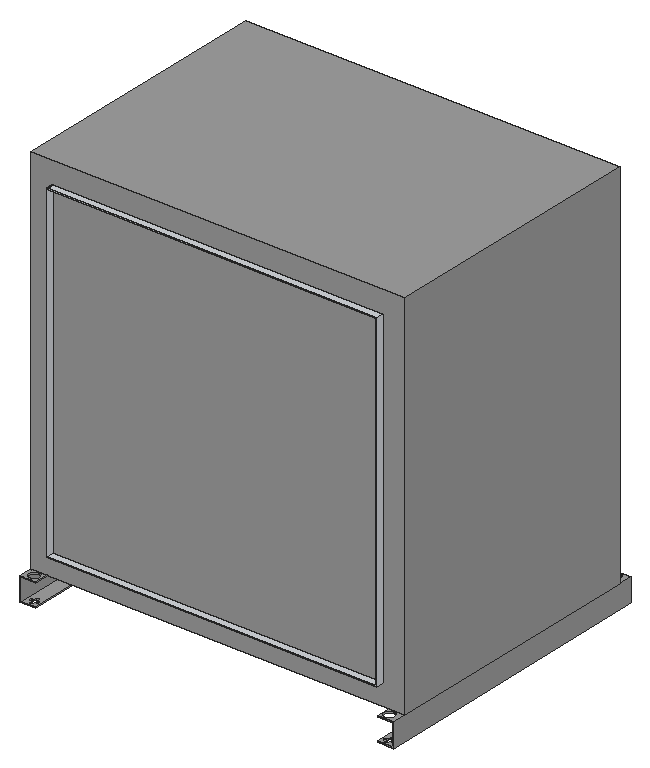
Revit family "BOX HB", category Modelos genéricos, Revit 2017
Family settings
  Puede alojar armadura = No
  Cota de conector redondo = Diámetro de uso
  Tipo de pieza = Normal
  Se basa en plano de trabajo = No
  Siempre vertical = Sí
  Corte con vacíos al cargar = No
  Compartido = No
  Punto de cálculo de habitación = No
Parameters (values of type "BOX HB 112-125")
  URL = "www.casals.com"
  O = 90 mm
  J = 1125 mm
  H = 30 mm
  Fabricante = "Casals Ventilación"
  F = 1250 mm
  EspPeu = 3 mm
  EspBoca = 1.5 mm
  Dimensiones = "1416,5x1506,5x1125"
  D = 1250 mm
  C = 1019 mm
  B = 1416.5 mm
  A = 1416.5 mm
Types (6, lengths in mm): name | O | J | F | Dimensiones | D | C | B | A
  (no name) | 90 | 1125 | 1250 | "1416,5x1506,5x1125" | 1250 | 1019 | 1416.5 | 1416.5
  BOX HB 45-50 | 60 | 570 | 500 | "651x711x570" | 500 | 467 | 651 | 651
  BOX HB 56-63 | 60 | 665 | 630 | "781,5x841,5x665\r\n781,5x841,5x665\r\n781,5x841,5x665\r\n781,5x841,5x665" | 630 | 542 | 781.5 | 781.5
  BOX HB 71-80 | 60 | 705 | 800 | "951,5x1011,5x705" | 800 | 597 | 951.5 | 951.5
  BOX HB 90-100 | 90 | 965 | 1000 | "1176,5x1266,5x965" | 1000 | 857 | 1176.5 | 1176.5
  BOX HB 112-125 | 90 | 1125 | 1250 | "1416,5x1506,5x1125" | 1250 | 1019 | 1416.5 | 1416.5
Reference planes
  plane 1 "Centro (Frontal/Posterior)": y = 0
  plane 2: z = 0
  plane 3 "Centro (Izquierda/Derecha)": x = 0
  plane 4: z = 90
  plane 5: z = 1506.5
  plane 6: x = -708.25
  plane 7: x = 708.25
  plane 8: x = -625
  plane 9: x = 625
  plane 10: z = 1423.25
  plane 11: z = 173.25
  plane 12: z = 798.25
  plane 13: z = 87
  plane 14: z = 3
  plane 15: x = -705.25
  plane 16: x = -648.25
  plane 17: y = -509.5
  plane 18: y = 509.5
  plane 19: y = -562.5
  plane 20: y = 562.5
  plane 21: x = 705.25
  plane 22: x = 648.25
  plane 23: z = 87
  plane 24: z = 3
  plane 25: z = 1424.75
  plane 26: z = 171.75
  plane 27: x = -626.5
  plane 28: x = 626.5
  plane 29: y = -539.5
  plane 30: y = 539.5
  plane 31: y = -537.5
  plane 32: x = 290.5
  plane 33: x = -290.5
  plane 34: y = -260
  plane 35: y = 537.5
  plane 36: x = 355.75
  plane 37: x = -355.75
  plane 38: y = 537.5
  plane 39: x = 673.25
  plane 40: x = -355.75
  plane 41: y = -537.5
  plane 42: y = 537.5
  plane 43: x = -673.25
  plane 44: y = -537.5
Forms (mm)
  Extrusion 1, solid, material "Por defecto"
    sketch origin (0, 0, 0) x (1, 0, 0) y (0, 0, 1)
      loop
        line (-708.25, 1506.5) -> (-708.25, 90) -> (708.25, 90) -> (708.25, 1506.5) -> (-708.25, 1506.5)
    from -509.5 to 509.5
  Extrusion 2, solid, material "Por defecto"
    sketch origin (0, 0, 0) x (1, 0, 0) y (0, 0, 1)
      loop
        line (-648.25, 87) -> (-648.25, 90) -> (-708.25, 90) -> (-708.25, 0) -> (-648.25, 0) -> (-648.25, 3) -> (-705.25, 3) -> (-705.25, 87) -> (-648.25, 87)
    from -562.5 to 562.5
  Extrusion 3, solid, material "Por defecto"
    sketch origin (0, 0, 0) x (1, 0, 0) y (0, 0, 1)
      loop
        line (648.25, 87) -> (705.25, 87) -> (705.25, 3) -> (648.25, 3) -> (648.25, 0) -> (708.25, 0) -> (708.25, 90) -> (648.25, 90) -> (648.25, 87)
    from -562.5 to 562.5
  Extrusion 4, solid
    sketch origin (0, 0, 0) x (1, 0, 0) y (0, 0, 1)
      loop
        line (-626.5, 1424.75) -> (-626.5, 171.75) -> (626.5, 171.75) -> (626.5, 1424.75) -> (-626.5, 1424.75)
      loop
        line (-625, 1423.25) -> (-625, 173.25) -> (625, 173.25) -> (625, 1423.25) -> (-625, 1423.25)
    from -539.5 to 539.5
  Extrusion 5, void
    sketch origin (708.25, 0, 90) x (0, -1, 0) y (-1, 0, 0)
      loop
        circle (537.5, 35) r 20
    from 0 to 3
  Extrusion 6, void
    sketch origin (-708.25, 0, 90) x (0, 1, 0) y (1, 0, 0)
      loop
        circle (-537.5, 35) r 20
    from 0 to 3
  Extrusion 7, void
    sketch origin (708.25, 0, 90) x (0, -1, 0) y (-1, 0, 0)
      loop
        circle (-537.5, 35) r 20
    from 0 to 3
  Extrusion 8, void
    sketch origin (-708.25, 0, 90) x (0, 1, 0) y (1, 0, 0)
      loop
        circle (537.5, 35) r 20
    from 0 to 3
Cuts and joins
  Extrusion 5, Extrusion 7 cuts Extrusion 3
  Extrusion 6, Extrusion 8 cuts Extrusion 2
Dimensions and locks
  equal spacing: plane 7, plane 3 "Centro (Izquierda/Derecha)", plane 6
  "A": plane 7 to plane 6
  "O": plane 4 to plane 2
  "B": plane 5 to plane 4
  equal spacing: plane 9, plane 3 "Centro (Izquierda/Derecha)", plane 8
  "D": plane 9 to plane 8
  equal spacing: plane 5, plane 12, plane 4
  equal spacing: plane 10, plane 12, plane 11
  "F": plane 10 to plane 11
  "EspPeu": plane 15 to plane 6
  "EspPeu": plane 14 to level
  "EspPeu": plane 4 to plane 13
  plane 16 to plane 6 = 60 mm
  equal spacing: plane 17, plane 1 "Centro (Frontal/Posterior)", plane 18
  equal spacing: plane 19, plane 1 "Centro (Frontal/Posterior)", plane 20
  "C": plane 17 to plane 18
  "J": plane 19 to plane 20
  "EspPeu": plane 4 to plane 23
  "EspPeu": plane 24 to plane 2
  "EspPeu": plane 7 to plane 21
  plane 7 to plane 22 = 60 mm
  "EspBoca": plane 25 to plane 10
  "EspBoca": plane 11 to plane 26
  "EspBoca": plane 8 to plane 27
  "EspBoca": plane 28 to plane 9
  "H": plane 29 to plane 17
  "H": plane 18 to plane 30
  plane 32 to Extrusion 3 = 357.75 mm
  plane 31 to plane 19 = 25 mm
  Extrusion 2 to plane 33 = 357.75 mm
  Extrusion 2 to plane 34 = 302.5 mm
  plane 36 to cut or joined group of Extrusion 3, Extrusion 5, Extrusion 7 = 292.5 mm
  plane 20 to plane 35 = 25 mm
  plane 36 to Extrusion 4 to cut or joined group of Extrusion 3, Extrusion 5, Extrusion 7 = 270.75 mm, 78.75 mm
  cut or joined group of Extrusion 2, Extrusion 6, Extrusion 8 to plane 37 = 292.5 mm
  plane 20 to plane 38 = 25 mm
  locked: plane 41 to plane 19 at 25
  locked: plane 20 to plane 42 at 25
  locked: plane 6 to plane 43 at 35
  plane 44 to plane 19 = 25 mm
  locked: plane 39 to plane 7 at 35
  aligned and locked: level to plane 2
  aligned and locked: Extrusion 1 sketch curve to plane 5
  aligned and locked: plane 4 to Extrusion 1 sketch curve
  aligned and locked: Extrusion 1 sketch curve to plane 7
  aligned and locked: plane 18 to Extrusion 1
  aligned and locked: Extrusion 1 to plane 17
  aligned and locked: Extrusion 2 to plane 19
  aligned and locked: plane 20 to Extrusion 2
  aligned and locked: plane 20 to Extrusion 3
  aligned and locked: Extrusion 3 to plane 19
  aligned and locked: plane 27 to Extrusion 4 sketch curve
  aligned and locked: Extrusion 4 sketch curve to plane 28
  aligned and locked: plane 8 to Extrusion 4 sketch curve
  aligned and locked: Extrusion 4 sketch curve to plane 9
  aligned and locked: Extrusion 4 to plane 29
  aligned and locked: plane 30 to Extrusion 4
  aligned and locked: plane 4 to Extrusion 5
  aligned and locked: Extrusion 3 to Extrusion 5
  aligned and locked: plane 4 to Extrusion 6
  aligned and locked: Extrusion 2 to Extrusion 6
  aligned and locked: plane 4 to Extrusion 7
  aligned and locked: Extrusion 3 to Extrusion 7
  aligned and locked: plane 4 to Extrusion 8
  aligned and locked: Extrusion 2 to Extrusion 8
  aligned and locked: level to cut or joined group of Extrusion 2, Extrusion 6, Extrusion 8
  aligned and locked: cut or joined group of Extrusion 3, Extrusion 5, Extrusion 7 to level
  aligned and locked: plane 43 to nested 1
  aligned and locked: nested 1 to plane 44
  aligned and locked: plane 39 to nested 3
  aligned and locked: plane 42 to nested 3
  aligned and locked: nested 2 to plane 39
  aligned and locked: nested 2 to plane 44
  aligned and locked: nested 4 to plane 30
  aligned and locked: plane 43 to nested 4
Automatic sketch dimensions
  Extrusion 1 sketch curve to plane 6 = 0 mm
  Extrusion 4 sketch curve to plane 26 = 0 mm
  Extrusion 4 sketch curve to plane 11 = 0 mm
  Extrusion 4 sketch curve to plane 10 = 0 mm
  Extrusion 4 sketch curve to plane 25 = 0 mm
  Extrusion 3 to Extrusion 5 sketch curve = 25 mm
  Extrusion 5 sketch curve to Extrusion 3 = 25 mm
  Extrusion 2 to Extrusion 6 sketch curve = 25 mm  (x2)
  Extrusion 3 to Extrusion 7 sketch curve = 25 mm
  Extrusion 7 sketch curve to Extrusion 3 = 25 mm
  Extrusion 2 to Extrusion 8 sketch curve = 25 mm  (x2)
  Extrusion 2 sketch curve to plane 4 = 0 mm
  Extrusion 2 sketch curve to plane 6 = 0 mm
  Extrusion 2 sketch curve to plane 13 = 0 mm
  Extrusion 2 sketch curve to plane 15 = 0 mm
  Extrusion 2 sketch curve to level = 0 mm
  Extrusion 2 sketch curve to plane 16 = 0 mm  (x2)
  Extrusion 2 sketch curve to plane 14 = 0 mm
  Extrusion 3 sketch curve to plane 22 = 0 mm  (x2)
  Extrusion 3 sketch curve to level = 0 mm
  Extrusion 3 sketch curve to plane 21 = 0 mm
  Extrusion 3 sketch curve to plane 7 = 0 mm
  Extrusion 3 sketch curve to plane 24 = 0 mm
  Extrusion 3 sketch curve to plane 23 = 0 mm
  Extrusion 3 sketch curve to plane 4 = 0 mm
  radius of Extrusion 5 sketch curve = 20 mm
  radius of Extrusion 6 sketch curve = 20 mm
  radius of Extrusion 7 sketch curve = 20 mm
  radius of Extrusion 8 sketch curve = 20 mm
Nested families
  nested 1: "FORAT CREU" at (-673.25, -537.5, 3), type "FORAT CREU"
    with fONDO -3 mm
  nested 2: "FORAT CREU" at (673.25, -537.5, 3), type "FORAT CREU"
    with fONDO -3 mm
  nested 3: "FORAT CREU" at (673.25, 537.5, 3), type "FORAT CREU"
    with fONDO -3 mm
  nested 4: "FORAT CREU" at (-673.25, 539.5, 3), type "FORAT CREU"
    with fONDO -3 mm
Connectors
  hvac at (0, 539.5, 798.25), driven by "D", driven by "D"
    settings: on Extrusion 4, index 1, duct flow 0.0 L/s, flow factor 0, pres drop 0.0 Pa, loss coef 0, conn angle 0.00°, conn width 1250 mm, conn height 1250 mm, conn diameter 609.6 mm, duct sys type 3, conn prof type 1, flow config 0, flow direction 1, loss method 0, conn ref index -1, conn util no, is conn primary yes, conn desc ""
  hvac at (0, -539.5, 798.25), driven by "D", driven by "D"
    settings: on Extrusion 4, index 2, duct flow 0.0 L/s, flow factor 0, pres drop 0.0 Pa, loss coef 0, conn angle 0.00°, conn width 1250 mm, conn height 1250 mm, conn diameter 609.6 mm, duct sys type 3, conn prof type 1, flow config 0, flow direction 2, loss method 0, conn ref index -1, conn util no, is conn primary no, conn desc ""
  hvac at (0, -539.5, 798.25), driven by "D", driven by "D"
    settings: on Extrusion 4, index 3, duct flow 0.0 L/s, flow factor 0, pres drop 0.0 Pa, loss coef 0, conn angle 0.00°, conn width 1250 mm, conn height 1250 mm, conn diameter 609.6 mm, duct sys type 3, conn prof type 1, flow config 0, flow direction 2, loss method 0, conn ref index -1, conn util no, is conn primary no, conn desc ""
Definition of nested family "FORAT CREU"
  Parameters (values of type "FORAT CREU")
    fONDO [instance] = -304.8 mm
    Default Elevation = 1219.2 mm
    B = 25 mm
    A = 11 mm
  Reference planes
    plane 1 "Centro (Frontal/Posterior)": y = 0
    plane 2: z = 0
    plane 3 "Centro (Izquierda/Derecha)": x = 0
    plane 4: x = -5.5
    plane 5: x = 5.5
    plane 6: x = -12.5
    plane 7: x = 12.5
    plane 8: y = 5.5
    plane 9: y = 12.5
    plane 10: y = -5.5
    plane 11: y = -12.5
  Forms (mm)
    Extrusion 1, solid
      sketch origin (0, 0, 0) x (1, 0, 0) y (0, 1, 0)
        loop
          line (-1219.2, 1219.2) -> (-1219.2, -1219.2) -> (1219.2, -1219.2) -> (1219.2, 1219.2) -> (-1219.2, 1219.2)
      from 0 to -304.8
    Extrusion 2, void
      sketch origin (0, 0, 0) x (1, 0, 0) y (0, 1, 0)
        loop
          arc (5.5, 12.5) -> (0, 18) -> (-5.5, 12.5) r 5.5
          line (-5.5, 12.5) -> (-5.5, 5.5) -> (-12.5, 5.5)
          arc (-12.5, 5.5) -> (-18, 0) -> (-12.5, -5.5) r 5.5
          line (-12.5, -5.5) -> (-5.5, -5.5) -> (-5.5, -12.5)
          arc (-5.5, -12.5) -> (0, -18) -> (5.5, -12.5) r 5.5
          line (5.5, -12.5) -> (5.5, -5.5) -> (12.5, -5.5)
          arc (12.5, -5.5) -> (18, 0) -> (12.5, 5.5) r 5.5
          line (12.5, 5.5) -> (5.5, 5.5) -> (5.5, 12.5)
      from -304.8 <- "fONDO" to 0
  Dimensions and locks
    equal spacing: plane 4, plane 3 "Centro (Izquierda/Derecha)", plane 5
    equal spacing: plane 6, plane 3 "Centro (Izquierda/Derecha)", plane 7
    equal spacing: plane 8, plane 1 "Centro (Frontal/Posterior)", plane 10
    equal spacing: plane 9, plane 1 "Centro (Frontal/Posterior)", plane 11
    "A": plane 4 to plane 5
    "B": plane 6 to plane 7
    "A": plane 8 to plane 10
    "B": plane 9 to plane 11
    Extrusion 2 to plane 1 "Centro (Frontal/Posterior)" = 5.5 mm
    aligned and locked: plane 2 to Extrusion 1
    aligned and locked: level to Extrusion 1
    aligned and locked: level to Extrusion 2
  Automatic sketch dimensions
    Extrusion 1 sketch curve to Extrusion 1 sketch curve = 2438.4 mm  (x2)
    plane 1 "Centro (Frontal/Posterior)" to Extrusion 2 sketch curve = 0 mm  (x2)
    Extrusion 2 sketch curve to plane 6 = 0 mm  (x2)
    Extrusion 2 sketch curve to plane 4 = 0 mm
    Extrusion 2 sketch curve to plane 3 "Centro (Izquierda/Derecha)" = 0 mm  (x2)
    Extrusion 2 sketch curve to plane 5 = 0 mm
    Extrusion 2 sketch curve to plane 7 = 0 mm  (x2)
    Extrusion 2 sketch curve to plane 11 = 0 mm  (x2)
    Extrusion 2 sketch curve to plane 10 = 0 mm
    Extrusion 2 sketch curve to plane 9 = 0 mm  (x2)
    Extrusion 2 sketch curve to plane 8 = 0 mm
